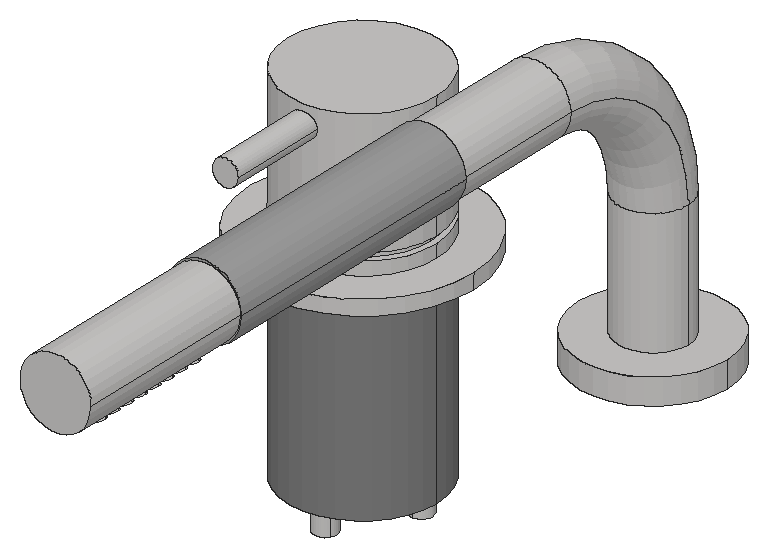
Revit family "SC9", category Generic Models, Revit 2021
Family settings
  Can host rebar = No
  Round Connector Dimension = Use Diameter
  Part Type = Normal
  Work Plane-Based = No
  Always vertical = Yes
  Cut with Voids When Loaded = No
  Shared = No
  Room Calculation Point = No
Parameters (values of type "Standard")
  e-mail = "info@vola.com"
  URL = "http://vola.com"
  Telephone = "+45 7023 5500"
  Quality management standard = "ISO 9001"
  Organisation no. / DUNS no. = "17531328"
  Occupational health and safety management standard = "ISO 18001"
  Mounting Instructions = "http://vola.com/service/producturl.ashx?name=SC9"
  Model = "SC9"
  Materials and components information = "http://vola.com/service/producturl.ashx?name=SC9"
  Manufacturer = "VOLA A/S"
  Maintenance Instructions = "http://vola.com/service/producturl.ashx?name=SC9"
  Guarantee = "2 years"
  Flow = "10,00 l/min"
  Environmental management standard = "ISO 14000"
  Default Elevation = 0.00 mm
  Connection - All relevant connections = "10mm flexible hose"
  Approvals = "http://vola.com/service/producturl.ashx?name=SC9"
Reference planes
  plane 1 "Center (Front/Back)": y = 0
  plane 2: z = 0
  plane 3 "Center (Left/Right)": x = 0
Dimensions and locks
  aligned and locked: plane 2 to level
Nested families
  nested 1: "T1" at (0, 0, 0), type "T1"
  nested 2: "500" at (-78, 0, 0), type "500"
Connectors
  piping at (-67.175, 6.25, -63), diameter 6
    settings: on nested 2, index 1, connector inside diameter 0.23622", connector length 0.00 mm, flow factor 0, pipe flow 0 GPM, pressure drop 0.00 psi, fitting loss kfactor 0, connector angle 0.00°, fixture units 0, engagement length 0.00 mm, angle of deflection 0.00°, flow configuration 0, flow direction 1, fitting loss method 0, system type 20, joint type 0, gender type 0, connector reference index -1, connector utility 0, adjustable connector no, is connector primary yes, connector description ""
  piping at (-88.825, 6.25, -63), diameter 6
    settings: on nested 2, index 2, connector inside diameter 0.23622", connector length 0.00 mm, flow factor 0, pipe flow 0 GPM, pressure drop 0.00 psi, fitting loss kfactor 0, connector angle 0.00°, fixture units 0, engagement length 0.00 mm, angle of deflection 0.00°, flow configuration 0, flow direction 1, fitting loss method 0, system type 19, joint type 0, gender type 0, connector reference index -1, connector utility 0, adjustable connector no, is connector primary no, connector description ""
Definition of nested family "T1"
  Parameters
    e-mail = "info@vola.com"
    URL = "http://vola.com"
    Telephone = "+45 7023 5500"
    Quality management standard = "ISO 9001"
    Organisation no. / DUNS no. = "17531328"
    Occupational health and safety management standard = "ISO 18001"
    Mounting Instructions = "http://vola.com/service/producturl.ashx?name=T1"
    Model = "T1"
    Materials and components information = "http://vola.com/service/producturl.ashx?name=T1"
    Manufacturer = "VOLA A/S"
    Maintenance Instructions = "http://vola.com/service/producturl.ashx?name=T1"
    Guarantee = "2 years"
    Environmental management standard = "ISO 14000"
    Default Elevation = 0.00 mm
    Connection - All relevant connections = ""
    Approvals = "http://vola.com/service/producturl.ashx?name=T1"
  Reference planes
    plane 1 "Center (Front/Back)": y = 0
    plane 2: z = 0
    plane 3 "Center (Left/Right)": x = 0
  Forms (mm)
    Extrusion 1, solid
      sketch origin (0, 0, 0) x (1, 0, 0) y (0, 1, 0)
        loop
          circle (0, 0) r 20
      from 0 to 7
    Sweep 2, solid
      path origin (0, 0, 0) x (0, 1, 0) y (0, 0, 1)
        loop
          line (0, 7) -> (0, 40.5)
          arc (0, 40.5) -> (-11.569, 68.431) -> (-39.5, 80) r 39.5
          line (-39.5, 80) -> (-75.5, 80)
      profile origin (0, 0, 23.75) x (0, -1, 0) y (1, 0, 0)
        loop
          circle (0, 0) r 9.5
    Extrusion 3, solid
      sketch origin (0, -75.5, 80) x (1, 0, 0) y (0, 0, 1)
        loop
          circle (0, 0) r 10
      from 0 to 75
    Extrusion 4, solid
      sketch origin (0, -150.5, 80) x (1, 0, 0) y (0, 0, 1)
        loop
          circle (0, 0) r 9.5
      from 0 to 50
    Extrusion 5, solid
      sketch origin (0, 9.25, 62.884) x (1, 0, 0) y (0, 1, 0)
        loop
          circle (0, -200.45) r 1.225
        loop
          circle (0, -195.95) r 1.225
        loop
          circle (0, -191.45) r 1.225
        loop
          circle (0, -186.95) r 1.225
        loop
          circle (0, -182.45) r 1.225
        loop
          circle (0, -177.95) r 1.225
        loop
          circle (0, -173.45) r 1.225
        loop
          circle (0, -168.95) r 1.225
      from 7.116 to 10.217
    Extrusion 6, solid
      sketch origin (8.298, 9.25, 65.03) x (-0.87462, 0, -0.48481) y (0, -1, 0)
        loop
          circle (0, 200.45) r 1.225
        loop
          circle (0, 195.95) r 1.225
        loop
          circle (0, 191.45) r 1.225
        loop
          circle (0, 186.95) r 1.225
        loop
          circle (0, 182.45) r 1.225
        loop
          circle (0, 177.95) r 1.225
        loop
          circle (0, 173.45) r 1.225
        loop
          circle (0, 168.95) r 1.225
      from 7.116 to 10.217
    Extrusion 7, solid
      sketch origin (-8.298, 9.25, 65.03) x (0.87462, 0, -0.48481) y (0, 1, 0)
        loop
          circle (0, -200.45) r 1.225
        loop
          circle (0, -195.95) r 1.225
        loop
          circle (0, -191.45) r 1.225
        loop
          circle (0, -186.95) r 1.225
        loop
          circle (0, -182.45) r 1.225
        loop
          circle (0, -177.95) r 1.225
        loop
          circle (0, -173.45) r 1.225
        loop
          circle (0, -168.95) r 1.225
      from 7.116 to 10.217
  Cuts and joins
    joined: Extrusion 4, Extrusion 5, Extrusion 6, Extrusion 7
  Dimensions and locks
    aligned and locked: plane 2 to level
Definition of nested family "500"
  Parameters
    e-mail = "info@vola.com"
    URL = "http://vola.com"
    Telephone = "+45 7023 5500"
    Quality management standard = "ISO 9001"
    Organisation no. / DUNS no. = "17531328"
    Occupational health and safety management standard = "ISO 18001"
    Mounting Instructions = "http://vola.com/service/producturl.ashx?name=500"
    Model = "500"
    Materials and components information = "http://vola.com/service/producturl.ashx?name=500"
    Manufacturer = "VOLA A/S"
    Maintenance Instructions = "http://vola.com/service/producturl.ashx?name=500"
    Guarantee = "2 years"
    Flow = "14,50 l/min"
    Environmental management standard = "ISO 14000"
    Default Elevation = 0.00 mm
    Connection - All relevant connections = "10mm flexible hose"
    Approvals = "http://vola.com/service/producturl.ashx?name=500"
  Reference planes
    plane 1 "Center (Front/Back)": y = 0
    plane 2: z = 0
    plane 3 "Center (Left/Right)": x = 0
  Forms (mm)
    Extrusion 1, solid
      sketch origin (0, 0, 0) x (1, 0, 0) y (0, 1, 0)
        loop
          circle (0, 0) r 30
      from 0 to 4
    Extrusion 2, solid
      sketch origin (0, 0, 7.5) x (1, 0, 0) y (0, 1, 0)
        loop
          circle (0, 0) r 18.25
      from 0 to 2
    Extrusion 3, solid
      sketch origin (0, 0, 9.5) x (1, 0, 0) y (0, 1, 0)
        loop
          circle (0, 0) r 20
      from 0 to 33.5
    Extrusion 4, solid
      sketch origin (0, 0, 3.25) x (1, 0, 0) y (0, 0, 1)
        loop
          circle (0, 34.5) r 3.5
      from 0 to 46
    Extrusion 5, solid
      sketch origin (0, 0, 0) x (0, 1, 0) y (1, 0, 0)
        loop
          circle (0, 0) r 20
      from 0 to 55
    Extrusion 6, solid
      sketch origin (0, 0, -55) x (0, 1, 0) y (1, 0, 0)
        loop
          circle (6.25, 10.825) r 3
        loop
          circle (6.25, -10.825) r 3
        loop
          circle (-12.5, 0) r 3
      from 0 to 8
    Extrusion 7, solid
      sketch origin (0, 0, 4) x (1, 0, 0) y (0, 1, 0)
        loop
          circle (0, 0) r 20
      from 0 to 3.5
  Cuts and joins
    joined: Extrusion 3, Extrusion 4
  Lines and regions (mm)
    model lines
      curve 1: line (6.05, -19.063, 43) -> (6.05, 19.063, 43)
      curve 2: line (-6.05, -19.063, 43) -> (-6.05, 19.063, 43)
    reference lines
      curve 3: line (-10.825, 6.25, -55) -> (-10.825, 6.25, -80)
      curve 4: line (10.825, 6.25, -55) -> (10.825, 6.25, -80)
  Dimensions and locks
    aligned and locked: plane 2 to level
